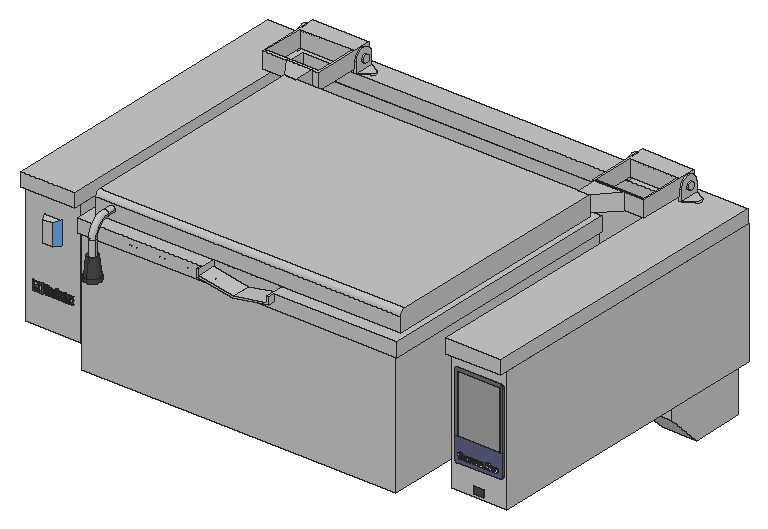
Revit family "QF_ELECTROLUXPROFESSIONAL_587129_PFET08EVIO", category Attrezzature speciali, Revit 2020 (continued)
Definition of nested family "QF_ELECTROLUXPROFESSIONAL_PBOT900H400_LEFT"
  Automatic sketch dimensions
    Extrusion 4 sketch curve to Extrusion 4 sketch curve = 0.826 mm  (x2)
    Extrusion 4 sketch curve to Extrusion 4 sketch curve = 0.126 mm  (x3)
    Extrusion 4 sketch curve to Extrusion 4 sketch curve = 2.333 mm
    Extrusion 4 sketch curve to Extrusion 4 sketch curve = 1.257 mm  (x2)
    Extrusion 4 sketch curve to Extrusion 4 sketch curve = 2.771 mm
    Extrusion 4 sketch curve to Extrusion 4 sketch curve = 1.497 mm
    Extrusion 4 sketch curve to Extrusion 4 sketch curve = 1.979 mm
    Extrusion 4 sketch curve to Extrusion 4 sketch curve = 1.653 mm
    Extrusion 4 sketch curve to Extrusion 4 sketch curve = 0.085 mm
    Extrusion 4 sketch curve to Extrusion 4 sketch curve = 0.315 mm
    Extrusion 4 sketch curve to Extrusion 4 sketch curve = 3.811 mm
    Extrusion 4 sketch curve to Extrusion 4 sketch curve = 2.136 mm  (x2)
    Extrusion 4 sketch curve to Extrusion 4 sketch curve = 2.352 mm  (x2)
    Extrusion 4 sketch curve to plane 8 "TOP" = 289.122 mm
    Extrusion 4 sketch curve to Extrusion 4 sketch curve = 3.797 mm
    Extrusion 4 sketch curve to plane 8 "TOP" = 296.104 mm
    Extrusion 4 sketch curve to Extrusion 4 sketch curve = 1.528 mm
    Extrusion 4 sketch curve to plane 8 "TOP" = 290.598 mm
    Extrusion 4 sketch curve to Extrusion 4 sketch curve = 1.476 mm
    Extrusion 4 sketch curve to plane 8 "TOP" = 294.635 mm
    Extrusion 4 sketch curve to Extrusion 4 sketch curve = 1.469 mm
    Extrusion 4 sketch curve to Extrusion 4 sketch curve = 3.728 mm
    Extrusion 4 sketch curve to Extrusion 4 sketch curve = 0.046 mm
    Extrusion 4 sketch curve to Extrusion 4 sketch curve = 0.177 mm
    Extrusion 4 sketch curve to Extrusion 4 sketch curve = 0.947 mm
    Extrusion 4 sketch curve to Extrusion 4 sketch curve = 0.308 mm
    Extrusion 4 sketch curve to Extrusion 4 sketch curve = 0.091 mm
    Extrusion 4 sketch curve to Extrusion 4 sketch curve = 2.375 mm
    Extrusion 4 sketch curve to Extrusion 4 sketch curve = 0.94 mm
    Extrusion 4 sketch curve to Extrusion 4 sketch curve = 0.54 mm
    Extrusion 4 sketch curve to Extrusion 4 sketch curve = 0.102 mm
    Extrusion 4 sketch curve to Extrusion 4 sketch curve = 0.002 mm  (x4)
    Extrusion 4 sketch curve to Extrusion 4 sketch curve = 0.105 mm
    Extrusion 4 sketch curve to Extrusion 4 sketch curve = 0.097 mm
    Extrusion 4 sketch curve to Extrusion 4 sketch curve = 3.982 mm
    Extrusion 4 sketch curve to Extrusion 4 sketch curve = 0.17 mm
    Extrusion 4 sketch curve to Extrusion 4 sketch curve = 6.49 mm
    Extrusion 4 sketch curve to Extrusion 4 sketch curve = 1.777 mm
    Extrusion 4 sketch curve to plane 8 "TOP" = 296.072 mm
    Extrusion 4 sketch curve to Extrusion 4 sketch curve = 0.63 mm
    Extrusion 4 sketch curve to Extrusion 4 sketch curve = 1.001 mm
    Extrusion 4 sketch curve to plane 8 "TOP" = 294.678 mm
    Extrusion 4 sketch curve to Extrusion 4 sketch curve = 1.393 mm
    Extrusion 4 sketch curve to Extrusion 4 sketch curve = 2.363 mm
    Extrusion 4 sketch curve to Extrusion 4 sketch curve = 2.253 mm
    Extrusion 4 sketch curve to Extrusion 4 sketch curve = 0.014 mm  (x4)
    Extrusion 4 sketch curve to Extrusion 4 sketch curve = 0.172 mm
    Extrusion 4 sketch curve to Extrusion 4 sketch curve = 0.096 mm
    Extrusion 4 sketch curve to Extrusion 4 sketch curve = 0.164 mm
    Extrusion 4 sketch curve to Extrusion 4 sketch curve = 0.298 mm
    Extrusion 4 sketch curve to Extrusion 4 sketch curve = 0.247 mm
    Extrusion 4 sketch curve to Extrusion 4 sketch curve = 0.084 mm
    Extrusion 4 sketch curve to Extrusion 4 sketch curve = 6.484 mm
    Extrusion 4 sketch curve to Extrusion 4 sketch curve = 2.596 mm
    Extrusion 4 sketch curve to Extrusion 4 sketch curve = 0.059 mm  (x2)
    Extrusion 4 sketch curve to Extrusion 4 sketch curve = 3.889 mm
    Extrusion 4 sketch curve to plane 8 "TOP" = 307.979 mm
    Extrusion 4 sketch curve to Extrusion 4 sketch curve = 6.029 mm
    Extrusion 4 sketch curve to plane 8 "TOP" = 305.988 mm
    Extrusion 4 sketch curve to Extrusion 4 sketch curve = 0.929 mm
    Extrusion 4 sketch curve to Extrusion 4 sketch curve = 1.102 mm
    Extrusion 4 sketch curve to Extrusion 4 sketch curve = 0.756 mm  (x2)
    Extrusion 4 sketch curve to plane 8 "TOP" = 306.353 mm
    Extrusion 4 sketch curve to Extrusion 4 sketch curve = 0.852 mm
    Extrusion 4 sketch curve to Extrusion 4 sketch curve = 0.108 mm
    Extrusion 4 sketch curve to Extrusion 4 sketch curve = 0.101 mm
    Extrusion 4 sketch curve to Extrusion 4 sketch curve = 0.072 mm
    Extrusion 4 sketch curve to Extrusion 4 sketch curve = 1.67 mm
    Extrusion 4 sketch curve to Extrusion 4 sketch curve = 1.834 mm
    Extrusion 4 sketch curve to Extrusion 4 sketch curve = 0.366 mm
    Extrusion 4 sketch curve to Extrusion 4 sketch curve = 0.993 mm
    Extrusion 4 sketch curve to Extrusion 4 sketch curve = 0.81 mm
    Extrusion 4 sketch curve to Extrusion 4 sketch curve = 1.026 mm  (x2)
    Extrusion 4 sketch curve to Extrusion 4 sketch curve = 4.272 mm
    Extrusion 4 sketch curve to Extrusion 4 sketch curve = 0.163 mm
    Extrusion 4 sketch curve to Extrusion 4 sketch curve = 0.551 mm
    Extrusion 4 sketch curve to Extrusion 4 sketch curve = 6.11 mm
    Extrusion 4 sketch curve to Extrusion 4 sketch curve = 1.451 mm
    Extrusion 4 sketch curve to Extrusion 4 sketch curve = 5.217 mm
    Extrusion 4 sketch curve to Extrusion 4 sketch curve = 0.045 mm  (x2)
    Extrusion 4 sketch curve to Extrusion 4 sketch curve = 0.241 mm
    Extrusion 4 sketch curve to Extrusion 4 sketch curve = 0.039 mm
    Extrusion 4 sketch curve to Extrusion 4 sketch curve = 1.134 mm
    Extrusion 4 sketch curve to Extrusion 4 sketch curve = 2.351 mm
    Extrusion 4 sketch curve to Extrusion 4 sketch curve = 3.993 mm
    Extrusion 4 sketch curve to Extrusion 4 sketch curve = 10.128 mm
    Extrusion 4 sketch curve to Extrusion 4 sketch curve = 0.956 mm
    Extrusion 4 sketch curve to Extrusion 4 sketch curve = 1.263 mm
    Extrusion 4 sketch curve to Extrusion 4 sketch curve = 2.577 mm
    Extrusion 4 sketch curve to Extrusion 4 sketch curve = 0.243 mm
    Extrusion 4 sketch curve to Extrusion 4 sketch curve = 0.031 mm
    Extrusion 4 sketch curve to Extrusion 4 sketch curve = 7.148 mm
    Extrusion 4 sketch curve to Extrusion 4 sketch curve = 1.502 mm
    Extrusion 4 sketch curve to Extrusion 4 sketch curve = 11.54 mm
    Extrusion 4 sketch curve to Extrusion 4 sketch curve = 11.758 mm
    Extrusion 4 sketch curve to Extrusion 4 sketch curve = 4.097 mm
    Extrusion 4 sketch curve to Extrusion 4 sketch curve = 0.011 mm
    Extrusion 4 sketch curve to Extrusion 4 sketch curve = 4.488 mm
    Extrusion 4 sketch curve to Extrusion 4 sketch curve = 11.908 mm
    Extrusion 4 sketch curve to Extrusion 4 sketch curve = 2.236 mm
    Extrusion 4 sketch curve to Extrusion 4 sketch curve = 0.22 mm
    Extrusion 4 sketch curve to Extrusion 4 sketch curve = 0.319 mm
    Extrusion 4 sketch curve to Extrusion 4 sketch curve = 1.192 mm
    Extrusion 4 sketch curve to Extrusion 4 sketch curve = 3.577 mm  (x2)
    Extrusion 4 sketch curve to Extrusion 4 sketch curve = 3.444 mm  (x2)
    Extrusion 4 sketch curve to Extrusion 4 sketch curve = 1.626 mm  (x2)
    Extrusion 4 sketch curve to Extrusion 4 sketch curve = 2.021 mm
    Extrusion 4 sketch curve to Extrusion 4 sketch curve = 2.967 mm
    Extrusion 4 sketch curve to Extrusion 4 sketch curve = 1.22 mm
    Extrusion 4 sketch curve to Extrusion 4 sketch curve = 3.412 mm
    Extrusion 4 sketch curve to Extrusion 4 sketch curve = 0.892 mm  (x3)
    Extrusion 4 sketch curve to Extrusion 4 sketch curve = 0.58 mm  (x2)
    Extrusion 4 sketch curve to Extrusion 4 sketch curve = 2.117 mm
    Extrusion 4 sketch curve to Extrusion 4 sketch curve = 0.295 mm  (x2)
    Extrusion 4 sketch curve to Extrusion 4 sketch curve = 0.618 mm
    Extrusion 4 sketch curve to Extrusion 4 sketch curve = 1.65 mm
    Extrusion 4 sketch curve to Extrusion 4 sketch curve = 1.662 mm
    Extrusion 4 sketch curve to Extrusion 4 sketch curve = 0.013 mm  (x2)
    Extrusion 4 sketch curve to Extrusion 4 sketch curve = 0.292 mm
    Extrusion 4 sketch curve to Extrusion 4 sketch curve = 0.107 mm  (x2)
    Extrusion 4 sketch curve to Extrusion 4 sketch curve = 0.068 mm  (x2)
    Extrusion 4 sketch curve to Extrusion 4 sketch curve = 2.361 mm
    Extrusion 4 sketch curve to Extrusion 4 sketch curve = 2.359 mm
    Extrusion 4 sketch curve to Extrusion 4 sketch curve = 0.531 mm  (x2)
    Extrusion 4 sketch curve to Extrusion 4 sketch curve = 0.928 mm  (x2)
    Extrusion 4 sketch curve to Extrusion 4 sketch curve = 1.058 mm
    Extrusion 4 sketch curve to Extrusion 4 sketch curve = 0.297 mm  (x2)
    Extrusion 4 sketch curve to Extrusion 4 sketch curve = 0.155 mm  (x2)
    Extrusion 4 sketch curve to Extrusion 4 sketch curve = 0.182 mm  (x2)
    Extrusion 4 sketch curve to Extrusion 4 sketch curve = 0.607 mm  (x2)
    Extrusion 4 sketch curve to Extrusion 4 sketch curve = 0.372 mm  (x2)
    Extrusion 4 sketch curve to Extrusion 4 sketch curve = 0.016 mm  (x2)
    Extrusion 4 sketch curve to Extrusion 4 sketch curve = 0.996 mm
    Extrusion 4 sketch curve to Extrusion 4 sketch curve = 0.93 mm
    Extrusion 4 sketch curve to Extrusion 4 sketch curve = 0.709 mm  (x2)
    Extrusion 4 sketch curve to Extrusion 4 sketch curve = 1.017 mm
    Extrusion 4 sketch curve to Extrusion 4 sketch curve = 4.718 mm
    Extrusion 4 sketch curve to Extrusion 4 sketch curve = 0.891 mm
    Extrusion 4 sketch curve to Extrusion 4 sketch curve = 3.826 mm
    Extrusion 4 sketch curve to Extrusion 4 sketch curve = 0.954 mm
    Extrusion 4 sketch curve to Extrusion 4 sketch curve = 5.576 mm
    Extrusion 4 sketch curve to Extrusion 4 sketch curve = 5.661 mm  (x2)
    Extrusion 4 sketch curve to Extrusion 4 sketch curve = 0.006 mm
    Extrusion 4 sketch curve to Extrusion 4 sketch curve = 2.203 mm
    Extrusion 4 sketch curve to Extrusion 4 sketch curve = 2.21 mm
    Extrusion 4 sketch curve to Extrusion 4 sketch curve = 1.607 mm
    Extrusion 4 sketch curve to Extrusion 4 sketch curve = 3.92 mm
    Extrusion 4 sketch curve to Extrusion 4 sketch curve = 0.05 mm
    Extrusion 4 sketch curve to Extrusion 4 sketch curve = 1.776 mm
    Extrusion 4 sketch curve to Extrusion 4 sketch curve = 4.017 mm
    Extrusion 4 sketch curve to Extrusion 4 sketch curve = 0.196 mm  (x2)
    Extrusion 4 sketch curve to Extrusion 4 sketch curve = 0.19 mm
    Extrusion 4 sketch curve to Extrusion 4 sketch curve = 1.312 mm
    Extrusion 4 sketch curve to Extrusion 4 sketch curve = 0.146 mm
    Extrusion 4 sketch curve to Extrusion 4 sketch curve = 2.831 mm
    Extrusion 4 sketch curve to Extrusion 4 sketch curve = 0.387 mm
    Extrusion 4 sketch curve to Extrusion 4 sketch curve = 0.174 mm
    Extrusion 4 sketch curve to Extrusion 4 sketch curve = 4.623 mm
    Extrusion 4 sketch curve to Extrusion 4 sketch curve = 1.754 mm
    Extrusion 4 sketch curve to Extrusion 4 sketch curve = 0.188 mm
    Extrusion 4 sketch curve to Extrusion 4 sketch curve = 0.02 mm
    Extrusion 4 sketch curve to Extrusion 4 sketch curve = 0.313 mm
    Extrusion 4 sketch curve to Extrusion 4 sketch curve = 0.12 mm
    Extrusion 4 sketch curve to Extrusion 4 sketch curve = 0.062 mm
    Extrusion 4 sketch curve to Extrusion 4 sketch curve = 0.568 mm
    Extrusion 4 sketch curve to Extrusion 4 sketch curve = 0.095 mm
    Extrusion 4 sketch curve to Extrusion 4 sketch curve = 0.357 mm
    Extrusion 4 sketch curve to Extrusion 4 sketch curve = 0.008 mm
    Extrusion 4 sketch curve to Extrusion 4 sketch curve = 0.36 mm
    Extrusion 4 sketch curve to Extrusion 4 sketch curve = 3.784 mm
    Extrusion 4 sketch curve to Extrusion 4 sketch curve = 1.654 mm
    Extrusion 4 sketch curve to Extrusion 4 sketch curve = 1.454 mm
    Extrusion 4 sketch curve to Extrusion 4 sketch curve = 3.429 mm
    Extrusion 4 sketch curve to Extrusion 4 sketch curve = 1.094 mm
    Extrusion 4 sketch curve to Extrusion 4 sketch curve = 2.218 mm
    Extrusion 4 sketch curve to Extrusion 4 sketch curve = 1.404 mm
    Extrusion 4 sketch curve to Extrusion 4 sketch curve = 5.959 mm
    Extrusion 4 sketch curve to Extrusion 4 sketch curve = 1.424 mm
    Extrusion 4 sketch curve to Extrusion 4 sketch curve = 3.23 mm
    Extrusion 4 sketch curve to Extrusion 4 sketch curve = 1.975 mm
    Extrusion 4 sketch curve to Extrusion 4 sketch curve = 3.779 mm
    Extrusion 4 sketch curve to Extrusion 4 sketch curve = 2.212 mm
    Extrusion 4 sketch curve to Extrusion 4 sketch curve = 3.78 mm
    Extrusion 4 sketch curve to Extrusion 4 sketch curve = 1.279 mm
    Extrusion 4 sketch curve to Extrusion 4 sketch curve = 1.343 mm  (x2)
    Extrusion 4 sketch curve to Extrusion 4 sketch curve = 1.353 mm  (x2)
    Extrusion 4 sketch curve to Extrusion 4 sketch curve = 0.027 mm  (x2)
    Extrusion 4 sketch curve to Extrusion 4 sketch curve = 0.395 mm  (x2)
    Extrusion 4 sketch curve to Extrusion 4 sketch curve = 0.329 mm  (x2)
    Extrusion 4 sketch curve to Extrusion 4 sketch curve = 0.425 mm  (x2)
    Extrusion 4 sketch curve to Extrusion 4 sketch curve = 0.051 mm  (x2)
    Extrusion 4 sketch curve to Extrusion 4 sketch curve = 0.495 mm  (x2)
    Extrusion 4 sketch curve to Extrusion 4 sketch curve = 0.267 mm  (x2)
    Extrusion 4 sketch curve to Extrusion 4 sketch curve = 1.4 mm
    Extrusion 4 sketch curve to Extrusion 4 sketch curve = 5.233 mm
    Extrusion 4 sketch curve to Extrusion 4 sketch curve = 2.062 mm
    Extrusion 2 sketch curve to plane 13 = 105.0 mm
    plane 16 to Extrusion 6 sketch curve = 0.0 mm  (x2)
    Extrusion 6 sketch curve to plane 18 = 0.0 mm
    Extrusion 6 sketch curve to plane 17 = 0.0 mm
    Extrusion 5 sketch curve to plane 13 = 60.0 mm
    Extrusion 5 sketch curve to plane 15 = 90.0 mm
    radius of Extrusion 2 sketch curve = 6.35 mm  (x2)
    radius of Extrusion 4 sketch curve = 2.453 mm
    radius of Extrusion 4 sketch curve = 1.557 mm
    radius of Extrusion 4 sketch curve = 1.468 mm
    radius of Extrusion 4 sketch curve = 2.451 mm
    radius of Extrusion 6 sketch curve = 5.0 mm  (x2)
Definition of nested family "QF_ELECTROLUXPROFESSIONAL_PBOT900H400_RIGHT"
  Parameters
    Width = 160.0 mm
    Right = Width / 2  # 80.0 mm
    Default Elevation = 0.0 mm
    Left = -Width / 2  # -80.0 mm
    Htop = 40.0 mm
    Height = 900.0 mm
    HBase = 200.0 mm
    EI_z = 450.0 mm
    EI_y = 239.0 mm
    Depth = 900.0 mm
    BorderFront = 20.0 mm
    Body Finish [instance] = none
  Reference planes
    plane 1 "Center (Front/Back)": y = 0
    plane 2: z = 0
    plane 3 "Center (Left/Right)": x = 0
    plane 4 "LEFT": x = -80
    plane 5 "RIGHT": x = 80
    plane 6 "BACK": y = 450
    plane 7 "FRONT": y = -450
    plane 8 "Base": z = 350
    plane 9 "TOP": z = 900
    plane 10 "BorderFront": y = -430
    plane 11: z = 860
    plane 12 "EI": z = 450
    plane 13: z = 500
    plane 14: y = 210
    plane 15: z = 800
    plane 16: z = 525
    plane 17: x = -30
  Forms (mm)
    Extrusion 1, solid
      sketch origin (0, 0, 0) x (1, 0, 0) y (0, 1, 0)
        loop
          line (-80, 450) -> (-80, -430) -> (80, -430) -> (80, 450) -> (-80, 450)
      from 860 to 500
    Extrusion 2, solid
      sketch origin (0, -430, 0) x (-1, 0, 0) y (0, 0, 1)
        loop
          line (59.714, 823.989) -> (-61.821, 823.989)
          arc (-61.821, 823.989) -> (-68.892, 821.06) -> (-71.821, 813.989) r 10
          line (-71.821, 813.989) -> (-71.821, 644.744) -> (-61.821, 644.744) -> (-61.821, 813.989) -> (59.714, 813.989) -> (59.714, 644.744) -> (69.714, 644.744) -> (69.714, 813.989)
          arc (69.714, 813.989) -> (66.786, 821.06) -> (59.714, 823.989) r 10
      from 0 to -3
    Extrusion 3, solid
      sketch origin (0, -430, 0) x (-1, 0, 0) y (0, 0, 1)
        loop
          line (69.714, 585) -> (69.714, 644.744) -> (-71.821, 644.744) -> (-71.821, 585)
          arc (-71.821, 585) -> (-68.892, 577.929) -> (-61.821, 575) r 10
          line (-61.821, 575) -> (59.714, 575)
          arc (59.714, 575) -> (66.786, 577.929) -> (69.714, 585) r 10
      from -3 to 0
    Extrusion 4, solid
      sketch origin (234.714, -430, 0) x (-1, 0, 0) y (0, 0, 1)
        loop
          line (294.429, 813.989) -> (172.894, 813.989) -> (172.894, 644.744) -> (294.429, 644.744) -> (294.429, 813.989)
      from 0 to -3
    Extrusion 5, solid
      sketch origin (0, -430, 0) x (-1, 0, 0) y (0, 0, 1)
        loop
          line (15, 530) -> (-15, 530) -> (-15, 510) -> (15, 510) -> (15, 530)
      from -1.6 to 0
    Extrusion 6, solid
      sketch origin (0, 450, 0) x (-1, 0, 0) y (0, 0, 1)
        loop
          circle (0, 450) r 5
      from 0 to 2
    Extrusion 7, solid
      sketch origin (0, 0, 0) x (0, 1, 0) y (0, 0, 1)
        loop
          line (450, 500) -> (210, 500) -> (210, 440) -> (300, 350) -> (450, 350) -> (450, 500)
      from -50 to 50
    Extrusion 8, void
      sketch origin (0, 450, 0) x (-1, 0, 0) y (0, 0, 1)
        loop
          circle (30, 800) r 5
        loop
          circle (30, 525) r 5
      from 0 to -5
  Cuts and joins
    Extrusion 8 cuts Extrusion 1
  Lines and regions (mm)
    symbolic lines
      curve 1: line (-80, 450, 0) -> (80, 450, 0)
      curve 2: line (80, 450, 0) -> (80, -430, 0)
  Dimensions and locks
    "Width": plane 4 "LEFT" to plane 5 "RIGHT"
    equal spacing: plane 4 "LEFT", plane 3 "Center (Left/Right)", plane 5 "RIGHT"
    equal spacing: plane 6 "BACK", plane 1 "Center (Front/Back)", plane 7 "FRONT"
    "Depth": plane 6 "BACK" to plane 7 "FRONT"
    "BorderFront": plane 10 "BorderFront" to plane 7 "FRONT"
    "Htop": plane 9 "TOP" to plane 11
    "Height": plane 9 "TOP" to level
    locked: plane 11 to plane 13 at 360
    plane 13 to plane 8 "Base" = 150.0 mm
    plane 6 "BACK" to plane 14 = 240.0 mm
    "EI_z": plane 12 "EI" to level
    plane 11 to level = 860.0 mm
    plane 16 to plane 15 to plane 11 = 275.0 mm, 60.0 mm
    plane 5 "RIGHT" to plane 17 = 110.0 mm
    aligned and locked: level to plane 2
    aligned and locked: plane 10 "BorderFront" to Extrusion 1 sketch curve
    aligned and locked: plane 11 to Extrusion 1
    aligned and locked: plane 4 "LEFT" to Extrusion 1 sketch curve
    aligned and locked: Extrusion 1 sketch curve to plane 5 "RIGHT"
    aligned and locked: Extrusion 1 sketch curve to plane 6 "BACK"
    aligned and locked: Extrusion 1 to plane 13
    aligned and locked: plane 6 "BACK" to Extrusion 7 sketch curve
    aligned and locked: plane 13 to Extrusion 7 sketch curve
    aligned and locked: Extrusion 7 sketch curve to plane 8 "Base"
    aligned and locked: plane 14 to Extrusion 7 sketch curve
  Automatic sketch dimensions
    Extrusion 2 sketch curve to plane 5 "RIGHT" = 8.179 mm
    Extrusion 2 sketch curve to Extrusion 2 sketch curve = 10.0 mm  (x2)
    Extrusion 2 sketch curve to Extrusion 2 sketch curve = 0.0 mm  (x4)
    plane 4 "LEFT" to Extrusion 2 sketch curve = 20.286 mm
    Extrusion 2 sketch curve to plane 11 = 215.256 mm
    Extrusion 2 sketch curve to plane 11 = 46.011 mm
    Extrusion 3 sketch curve to plane 5 "RIGHT" = 8.179 mm
    plane 4 "LEFT" to Extrusion 3 sketch curve = 20.286 mm
    plane 4 "LEFT" to Extrusion 3 sketch curve = 10.286 mm
    Extrusion 3 sketch curve to plane 11 = 285.0 mm
    Extrusion 3 sketch curve to Extrusion 3 sketch curve = 59.744 mm
    Extrusion 3 sketch curve to Extrusion 3 sketch curve = 10.0 mm
    plane 4 "LEFT" to Extrusion 4 sketch curve = 20.286 mm
    Extrusion 4 sketch curve to plane 11 = 46.011 mm
    Extrusion 4 sketch curve to plane 5 "RIGHT" = 18.179 mm
    Extrusion 4 sketch curve to Extrusion 4 sketch curve = 169.244 mm
    Extrusion 6 sketch curve to plane 3 "Center (Left/Right)" = 0.0 mm
    Extrusion 6 sketch curve to plane 12 "EI" = 0.0 mm
    curve 1 to plane 4 "LEFT" = 0.0 mm
    curve 1 to plane 5 "RIGHT" = 0.0 mm
    curve 2 to plane 10 "BorderFront" = 0.0 mm
    curve 1 to plane 6 "BACK" = 0.0 mm
    plane 3 "Center (Left/Right)" to Extrusion 5 sketch curve = 15.0 mm
    Extrusion 5 sketch curve to plane 3 "Center (Left/Right)" = 15.0 mm
    plane 12 "EI" to Extrusion 5 sketch curve = 60.0 mm
    Extrusion 5 sketch curve to Extrusion 5 sketch curve = 20.0 mm
    Extrusion 8 sketch curve to plane 16 = 0.0 mm
    plane 17 to Extrusion 8 sketch curve = 0.0 mm  (x2)
    Extrusion 8 sketch curve to plane 15 = 0.0 mm
    Extrusion 7 sketch curve to plane 12 "EI" = 10.0 mm
    Extrusion 7 sketch curve to plane 14 = 90.0 mm
    radius of Extrusion 6 sketch curve = 5.0 mm
    radius of Extrusion 8 sketch curve = 5.0 mm  (x2)
  Nested families
    nested 1: "ELX_ThermaLine" at (-0.906, -433, 593.675) x (1, 0, 0) z (0, -1, 0), type "ELX_ThermaLine"
      with Show Logo yes, Material_Logo none
  Definition of nested family "ELX_ThermaLine"
    Parameters
      Show Logo [instance] = yes
      Material_Logo [instance] = none
      Default Elevation = 0.0 mm
    Reference planes
      plane 1 "Centro (Fronte/Retro)": y = 0
      plane 2: z = 0
      plane 3 "Centro (Sinistra/Destra)": x = 0
    Forms (mm)
      Extrusion 1, solid
        sketch origin (0, 0, 0) x (1, 0, 0) y (0, 1, 0)
          loop
            line (-1219.2, 1219.2) -> (-1219.2, -1219.2) -> (1219.2, -1219.2) -> (1219.2, 1219.2) -> (-1219.2, 1219.2)
        from 0 to -304.8
      Extrusion 2, solid
        sketch origin (0, 0, 0) x (1, 0, 0) y (0, 1, 0)
          loop
            line (-52.84, 4.345) -> (-50.793, 4.345) -> (-50.793, 6.716) -> (-52.84, 6.716) -> (-52.84, 10.788) -> (-55.901, 9.058) -> (-55.901, 6.716) -> (-57.324, 6.716) -> (-57.324, 4.345) -> (-55.901, 4.345) -> (-55.901, -1.637)
            arc (-55.901, -1.637) -> (-54.76, -4.355) -> (-51.88, -4.985) r 3.198
            line (-51.88, -4.985) -> (-50.444, -4.597) -> (-50.782, -2.189) -> (-51.765, -2.453)
            arc (-51.765, -2.453) -> (-52.506, -2.305) -> (-52.84, -1.628) r 0.854
            line (-52.84, -1.628) -> (-52.84, 4.345)
          loop
            line (-48.642, 11.198) -> (-48.642, -4.787) -> (-45.561, -4.787) -> (-45.561, 2.659)
            arc (-45.561, 2.659) -> (-44.379, 4.372) -> (-42.304, 4.523) r 2.408
            arc (-42.304, 4.523) -> (-41.484, 3.75) -> (-41.182, 2.665) r 2.099
            line (-41.182, 2.665) -> (-41.182, -4.787) -> (-38.117, -4.787) -> (-38.088, 2.166)
            arc (-38.088, 2.166) -> (-38.343, 3.963) -> (-39.021, 5.646) r 7.517
            arc (-39.021, 5.646) -> (-42.369, 6.971) -> (-45.561, 5.303) r 4.327
            line (-45.561, 5.303) -> (-45.561, 11.198) -> (-48.642, 11.198)
          loop
            arc (-28.196, 1.988) -> (-28.834, 3.893) -> (-30.683, 4.679) r 2.449
            arc (-30.683, 4.679) -> (-32.149, 3.674) -> (-32.711, 1.988) r 2.793
            line (-32.711, 1.988) -> (-28.196, 1.988)
          loop
            arc (-25.128, 0.121) -> (-26.074, 4.342) -> (-29.545, 6.923) r 6.212
            arc (-29.545, 6.923) -> (-33.021, 6.358) -> (-35.352, 3.718) r 5.232
            arc (-35.352, 3.718) -> (-35.918, 1.148) -> (-35.633, -1.468) r 8.117
            arc (-35.633, -1.468) -> (-34.524, -3.319) -> (-32.789, -4.603) r 5.523
            arc (-32.789, -4.603) -> (-28.402, -4.744) -> (-25.297, -1.641) r 5.523
            line (-25.297, -1.641) -> (-28.327, -1.106)
            arc (-28.327, -1.106) -> (-29.324, -2.396) -> (-30.951, -2.501) r 1.982
            arc (-30.951, -2.501) -> (-32.276, -1.475) -> (-32.789, 0.121) r 2.835
            line (-32.789, 0.121) -> (-25.128, 0.121)
          loop
            line (-22.733, -4.787) -> (-19.705, -4.787) -> (-19.705, 0)
            arc (-19.705, 0) -> (-19.663, 1.267) -> (-19.469, 2.521) r 10.557
            arc (-19.469, 2.521) -> (-18.189, 4.014) -> (-16.237, 3.761) r 2.069
            line (-16.237, 3.761) -> (-15.318, 6.433)
            arc (-15.318, 6.433) -> (-17.915, 6.783) -> (-19.931, 5.11) r 3.262
            line (-19.931, 5.11) -> (-19.931, 6.752) -> (-22.733, 6.752) -> (-22.733, -4.787)
          loop
            line (-14.233, 6.752) -> (-14.233, -4.787) -> (-11.135, -4.787) -> (-11.135, 1.783)
            arc (-11.135, 1.783) -> (-10.552, 3.635) -> (-8.862, 4.59) r 2.646
            arc (-8.862, 4.59) -> (-7.677, 3.931) -> (-7.234, 2.65) r 1.899
            line (-7.234, 2.65) -> (-7.234, -4.787) -> (-4.155, -4.787) -> (-4.155, 1.467)
            arc (-4.155, 1.467) -> (-3.845, 2.923) -> (-2.97, 4.128) r 3.581
            arc (-2.97, 4.128) -> (-1.581, 4.474) -> (-0.516, 3.516) r 1.525
            arc (-0.516, 3.516) -> (-0.324, 2.735) -> (-0.304, 1.931) r 3.735
            line (-0.304, 1.931) -> (-0.304, -4.787) -> (2.776, -4.787) -> (2.776, 3.096)
            arc (2.776, 3.096) -> (1.833, 5.68) -> (-0.612, 6.942) r 3.784
            arc (-0.612, 6.942) -> (-2.795, 6.596) -> (-4.513, 5.205) r 4.271
            arc (-4.513, 5.205) -> (-5.893, 6.457) -> (-7.686, 6.964) r 4.079
            arc (-7.686, 6.964) -> (-9.75, 6.555) -> (-11.39, 5.237) r 4.412
            line (-11.39, 5.237) -> (-11.39, 6.752) -> (-14.233, 6.752)
          loop
            line (5.334, 3.712) -> (8.069, 3.23)
            arc (8.069, 3.23) -> (10.312, 4.685) -> (12.137, 2.73) r 2.082
            line (12.137, 2.73) -> (8.171, 1.741)
            arc (8.171, 1.741) -> (6.593, 1.022) -> (5.378, -0.215) r 4.758
            arc (5.378, -0.215) -> (5.225, -1.991) -> (5.744, -3.697) r 4.711
            arc (5.744, -3.697) -> (7.301, -4.682) -> (9.118, -4.992) r 4.691
            arc (9.118, -4.992) -> (10.903, -4.593) -> (12.411, -3.558) r 4.818
            line (12.411, -3.558) -> (12.81, -4.787) -> (15.873, -4.787) -> (15.179, -2.652) -> (15.179, 3.25)
            arc (15.179, 3.25) -> (14.773, 5.146) -> (13.38, 6.496) r 3.336
            arc (13.38, 6.496) -> (10.765, 7.201) -> (8.091, 6.773) r 6.459
            arc (8.091, 6.773) -> (6.348, 5.57) -> (5.334, 3.712) r 4.569
          loop
            line (21.001, -4.787) -> (24.24, -4.787) -> (27.623, 11.127) -> (24.384, 11.127) -> (21.001, -4.787)
          loop
            line (27.273, -4.787) -> (30.332, -4.787) -> (32.777, 6.716) -> (29.718, 6.716) -> (27.273, -4.787)
          loop
            line (30.656, 11.127) -> (30.058, 8.314) -> (33.117, 8.314) -> (33.715, 11.127) -> (30.656, 11.127)
          loop
            line (33.431, -4.787) -> (36.649, -4.787) -> (38.261, 2.796)
            arc (38.261, 2.796) -> (39.644, 4.445) -> (41.791, 4.594) r 2.751
            arc (41.791, 4.594) -> (42.425, 3.729) -> (42.502, 2.659) r 1.936
            line (42.502, 2.659) -> (40.919, -4.787) -> (43.989, -4.787) -> (45.795, 3.712)
            arc (45.795, 3.712) -> (45.588, 5.458) -> (44.361, 6.716) r 2.734
            arc (44.361, 6.716) -> (41.222, 6.857) -> (38.516, 5.259) r 5.512
            line (38.516, 5.259) -> (38.826, 6.716) -> (35.876, 6.716) -> (33.431, -4.787)
          loop
            line (50.773, 1.934) -> (55.672, 1.934)
            arc (55.672, 1.934) -> (55.737, 2.919) -> (55.334, 3.821) r 2.051
            arc (55.334, 3.821) -> (53.773, 4.722) -> (52.024, 4.287) r 2.407
            arc (52.024, 4.287) -> (51.223, 3.203) -> (50.773, 1.934) r 4.566
          loop
            line (50.479, 0) -> (58.259, 0)
            arc (58.259, 0) -> (58.241, 3.53) -> (56.181, 6.396) r 5.8
            arc (56.181, 6.396) -> (52.577, 6.992) -> (49.395, 5.199) r 5.498
            arc (49.395, 5.199) -> (47.819, 2.372) -> (47.536, -0.853) r 7.747
            arc (47.536, -0.853) -> (48.406, -3.006) -> (50.236, -4.437) r 4.494
            arc (50.236, -4.437) -> (52.672, -4.934) -> (55.109, -4.437) r 6.224
            arc (55.109, -4.437) -> (56.76, -3.346) -> (57.916, -1.739) r 5.478
            line (57.916, -1.739) -> (55.129, -1.247)
            arc (55.129, -1.247) -> (53.897, -2.495) -> (52.149, -2.637) r 2.52
            arc (52.149, -2.637) -> (50.809, -1.638) -> (50.479, 0) r 2.336
          loop
            line (12.154, 0.755) -> (8.732, -0.098)
            arc (8.732, -0.098) -> (8.126, -1.288) -> (8.732, -2.478) r 1.471
            arc (8.732, -2.478) -> (10.437, -2.725) -> (11.827, -1.706) r 2.276
            arc (11.827, -1.706) -> (12.142, -0.496) -> (12.154, 0.755) r 5.123
        from 0 to 1.6
    Dimensions and locks
      aligned and locked: plane 2 to Extrusion 1
      aligned and locked: level to Extrusion 1
Definition of nested family "QF_ELECTROLUXPROFESSIONAL_PFET900_LEVEL2"
  Parameters
    Default Elevation = 0.0 mm
    Assembly Code = ""
  Reference planes
    plane 1 "Center (Front/Back)": y = 0
    plane 2: z = 0
    plane 3 "Center (Left/Right)": x = 0
  Forms (mm)
    Sweep 1, solid
      path origin (0, 45, 0) x (0, 1, 0) y (0, 0, 1)
        loop
          line (-45, 0) -> (-70, 0)
          arc (-70, 0) -> (-101.82, -13.18) -> (-115, -45) r 45
          line (-115, -45) -> (-115, -90)
      profile origin (0, -12.5, 0) x (0, 0, -1) y (1, 0, 0)
        loop
          circle (0, 0) r 9
    Revolve 2, solid
      sketch origin (0, 45, 0) x (0, 1, 0) y (0, 0, 1)
        loop
          line (-115, -90) -> (-115, -152.379) -> (-92.246, -152.379) -> (-92.246, -142.379) -> (-94.495, -142.379) -> (-100, -90) -> (-115, -90)
        axis (-115, -90) -> (-115, -152.379)
      angle from 0 to 360
  Lines and regions (mm)
    symbolic lines
      curve 1: line (9, 0, 0) -> (9, -94.102, 0)
      curve 2: line (-9, 0, 0) -> (-9, -94.102, 0)
      curve 3: circle (0, -115, 0) r 22.754 normal (0, 0, 1)
  Dimensions and locks
    aligned and locked: level to plane 2
